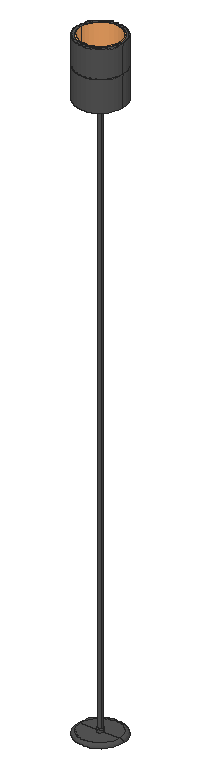
Revit family "MELO CYLINDER PENDANT LIGHT", category Lighting Fixtures, host Face, Revit 2020 (continued)
Types (16): name | Wattage_Input | Wattage Comments | Wattage | Voltage_Input | Size 08 | Size 06 | Size 04 | Selectable Wattage | Photometric Web File | Pendent Rod Length_1 | Pendent | Order number | built-in parameter 1150142 | Model | built-in parameter 1150105 | Lumens | built-in parameter 1150106 | Fixture Diameter | Canopy for Surface Mount J-box | Canopy for Recessed J-Box | Canopy Height | C2 H | C1 H | BEAMING ANGLE
  MELO06R-SP30801-10D-60-GD-BK | 40 W | "40W/30W/20W" | 28.2748 W | 0 V | no | yes | no | 40 W | "MELO06R_SP30801_10D_60.IES" | 4' - 0" | yes | "17297" | "IESNA:LM-63-2002\r\n[TEST] \r\n[TESTLAB] EVERFINE\r\n[TESTDATE] 2023-03-15\r\n[ISSUEDATE] 2023-03-17 16:57:18\r\n[NEARFIELD] \r\n[LAMPPOSITION] 0,0\r\n[OTHER] EVERFINE GO-2000B_V1 SYSTEM\r\n[MANUFAC] Aboveall lighting\r\n[LUMINAIRE]  \r\n[LAMP] MELO06R-SP30801-10D-60\r\n[OTHER] \r\n[OTHER] Gamma(deg)    Fz(lm)      Ft(lm)     %Lum    %Lamp\r\n[OTHER]   0- 10       526.25      526.25    10.43    10.43\r\n[OTHER]  10- 20      1490.62     2016.88    39.97    39.97\r\n[OTHER]  20- 30      1763.25     3780.13    74.91    74.91\r\n[OTHER]  30- 40       934.27     4714.40    93.42    93.42\r\n[OTHER]  40- 50       148.31     4862.71    96.36    96.36\r\n[OTHER]  50- 60        73.12     4935.83    97.81    97.81\r\n[OTHER]  60- 70        56.78     4992.61    98.93    98.93\r\n[OTHER]  70- 80        32.07     5024.68    99.57    99.57\r\n[OTHER]  80- 90         8.12     5032.80    99.73    99.73\r\n[OTHER]  90-100         0.17     5032.97    99.73    99.73\r\n[OTHER] 100-110         0.22     5033.20    99.74    99.74\r\n[OTHER] 110-120         0.30     5033.49    99.74    99.74\r\n[OTHER] 120-130         0.55     5034.05    99.76    99.76\r\n[OTHER] 130-140         1.55     5035.59    99.79    99.79\r\n[OTHER] 140-150         2.97     5038.56    99.84    99.84\r\n[OTHER] 150-160         3.62     5042.18    99.92    99.92\r\n[OTHER] 160-170         3.02     5045.20    99.98    99.98\r\n[OTHER] 170-180         1.20     5046.40   100.00   100.00\r\n[OTHER] \r\nTILT=NONE\r\n1 -1 1 181 25 1 2 -0.150 -0.150 0.000\r\n1.000 1 45.4\r\n0.0    1.0    2.0    3.0    4.0    5.0    6.0    7.0    8.0    9.0    \r\n 10.0   11.0   12.0   13.0   14.0   15.0   16.0   17.0   18.0   19.0   \r\n 20.0   21.0   22.0   23.0   24.0   25.0   26.0   27.0   28.0   29.0   \r\n 30.0   31.0   32.0   33.0   34.0   35.0   36.0   37.0   38.0   39.0   \r\n 40.0   41.0   42.0   43.0   44.0   45.0   46.0   47.0   48.0   49.0   \r\n 50.0   51.0   52.0   53.0   54.0   55.0   56.0   57.0   58.0   59.0   \r\n 60.0   61.0   62.0   63.0   64.0   65.0   66.0   67.0   68.0   69.0   \r\n 70.0   71.0   72.0   73.0   74.0   75.0   76.0   77.0   78.0   79.0   \r\n 80.0   81.0   82.0   83.0   84.0   85.0   86.0   87.0   88.0   89.0   \r\n 90.0   91.0   92.0   93.0   94.0   95.0   96.0   97.0   98.0   99.0   \r\n 100.0  101.0  102.0  103.0  104.0  105.0  106.0  107.0  108.0  109.0  \r\n 110.0  111.0  112.0  113.0  114.0  115.0  116.0  117.0  118.0  119.0  \r\n 120.0  121.0  122.0  123.0  124.0  125.0  126.0  127.0  128.0  129.0  \r\n 130.0  131.0  132.0  133.0  134.0  135.0  136.0  137.0  138.0  139.0  \r\n 140.0  141.0  142.0  143.0  144.0  145.0  146.0  147.0  148.0  149.0  \r\n 150.0  151.0  152.0  153.0  154.0  155.0  156.0  157.0  158.0  159.0  \r\n 160.0  161.0  162.0  163.0  164.0  165.0  166.0  167.0  168.0  169.0  \r\n 170.0  171.0  172.0  173.0  174.0  175.0  176.0  177.0  178.0  179.0  \r\n 180.0  \r\n0.0    15.0   30.0   45.0   60.0   75.0   90.0   105.0  120.0  135.0  \r\n 150.0  165.0  180.0  195.0  210.0  225.0  240.0  255.0  270.0  285.0  \r\n 300.0  315.0  330.0  345.0  360.0  \r\n5505.34  5507.71  5512.42  5515.76  5514.38  5510.62  5508.70  5508.21  5505.40  5497.87  \r\n 5485.59  5471.39  5451.07  5426.00  5398.99  5359.77  5307.89  5236.55  5150.44  5047.76  \r\n 4922.86  4776.14  4614.64  4439.37  4245.20  4041.44  3816.93  3576.43  3327.16  3076.38  \r\n 2803.10  2529.07  2256.45  2013.37  1791.25  1577.81  1374.93  1172.17  919.63   696.04   \r\n 508.02   364.86   273.19   221.78   190.55   169.32   152.59   137.81   126.94   116.05   \r\n 102.44   92.40    87.71    84.07    82.06    80.13    78.13    76.29    74.46    72.72    \r\n 70.84    68.43    65.86    63.28    60.66    57.97    55.26    52.50    49.71    46.93    \r\n 44.15    41.33    38.56    35.80    33.09    30.45    27.85    25.28    22.77    20.33    \r\n 17.92    15.57    13.31    11.07    8.92     6.79     4.72     2.70     0.86     0.18     \r\n 0.15     0.15     0.15     0.15     0.15     0.15     0.15     0.15     0.15     0.15     \r\n 0.15     0.15     0.15     0.17     0.17     0.20     0.21     0.21     0.21     0.21     \r\n 0.21     0.23     0.24     0.25     0.27     0.28     0.28     0.29     0.30     0.34     \r\n 0.38     0.38     0.39     0.43     0.49     0.53     0.60     0.69     0.77     0.88     \r\n 0.99     1.13     1.28     1.47     1.63     1.83     2.02     2.27     2.51     2.76     \r\n 3.03     3.32     3.59     3.90     4.20     4.52     4.85     5.14     5.47     5.78     \r\n 6.09     6.40     6.68     7.01     7.32     7.65     7.97     8.29     8.61     8.91     \r\n 9.24     9.54     9.85     10.15    10.43    10.69    10.96    11.21    11.47    11.69    \r\n 11.91    12.09    12.28    12.46    12.62    12.76    12.90    12.99    13.07    13.14    \r\n 13.15    \r\n5494.95  5496.86  5500.19  5504.88  5504.39  5502.04  5501.11  5503.02  5505.33  5500.54  \r\n 5490.10  5478.69  5462.53  5442.10  5415.95  5381.68  5332.69  5266.60  5181.58  5080.24  \r\n 4958.24  4815.45  4661.24  4491.85  4306.38  4110.39  3892.56  3651.66  3404.06  3144.10  \r\n 2884.01  2606.24  2332.14  2083.87  1857.36  1643.45  1438.37  1233.24  983.71   745.19   \r\n 548.51   394.89   312.25   229.97   195.63   172.65   154.88   140.68   128.81   118.15   \r\n 104.58   92.92    87.92    84.20    82.10    80.14    78.22    76.31    74.44    72.72    \r\n 70.84    68.61    66.03    63.50    60.84    58.19    55.43    52.65    49.85    47.08    \r\n 44.28    41.53    38.79    36.01    33.40    30.68    28.10    25.58    23.04    20.64    \r\n 18.22    15.88    13.60    11.37    9.20     7.08     5.05     3.01     1.18     0.15     \r\n 0.14     0.14     0.14     0.14     0.15     0.16     0.16     0.17     0.17     0.18     \r\n 0.18     0.19     0.20     0.20     0.21     0.21     0.22     0.23     0.24     0.25     \r\n 0.26     0.26     0.28     0.29     0.30     0.31     0.32     0.33     0.34     0.36     \r\n 0.37     0.40     0.42     0.46     0.50     0.56     0.62     0.70     0.78     0.89     \r\n 1.00     1.13     1.27     1.43     1.60     1.79     2.00     2.22     2.46     2.71     \r\n 2.98     3.26     3.55     3.84     4.14     4.45     4.76     5.08     5.40     5.71     \r\n 6.02     6.32     6.63     6.94     7.24     7.55     7.87     8.19     8.50     8.82     \r\n 9.13     9.46     9.76     10.05    10.33    10.62    10.90    11.15    11.39    11.62    \r\n 11.86    12.06    12.28    12.47    12.64    12.79    12.90    13.02    13.10    13.16    \r\n 13.15    \r\n5484.53  5485.91  5488.74  5491.12  5493.02  5493.51  5493.51  5499.60  5504.36  5501.60  \r\n 5488.92  5476.59  5461.45  5442.05  5417.92  5384.36  5333.47  5264.01  5178.87  5078.54  \r\n 4952.73  4808.81  4656.72  4489.53  4307.17  4113.38  3898.36  3658.89  3413.38  3156.56  \r\n 2892.57  2615.38  2337.09  2089.26  1863.34  1647.98  1441.65  1212.41  982.92   750.07   \r\n 551.66   396.11   292.43   233.15   198.52   175.52   157.80   144.03   130.31   119.19   \r\n 105.20   93.47    88.25    84.32    82.14    80.11    78.16    76.22    74.36    72.59    \r\n 70.69    68.39    65.78    63.17    60.51    57.78    55.03    52.26    49.48    46.71    \r\n 43.93    41.14    38.39    35.71    33.04    30.43    27.85    25.31    22.84    20.45    \r\n 18.07    15.75    13.52    11.31    9.19     7.09     5.06     3.07     1.21     0.18     \r\n 0.16     0.15     0.15     0.15     0.15     0.15     0.15     0.15     0.15     0.15     \r\n 0.15     0.15     0.15     0.16     0.17     0.19     0.20     0.21     0.21     0.22     \r\n 0.22     0.23     0.24     0.26     0.28     0.29     0.29     0.29     0.30     0.32     \r\n 0.35     0.37     0.38     0.45     0.46     0.51     0.58     0.65     0.73     0.83     \r\n 0.95     1.08     1.22     1.38     1.56     1.73     1.94     2.16     2.40     2.65     \r\n 2.91     3.20     3.49     3.78     4.07     4.38     4.68     4.99     5.30     5.60     \r\n 5.90     6.21     6.49     6.80     7.12     7.43     7.76     8.08     8.40     8.72     \r\n 9.05     9.35     9.66     9.99     10.25    10.52    10.80    11.05    11.29    11.52    \r\n 11.75    11.96    12.16    12.32    12.49    12.70    12.79    12.92    13.01    13.08    \r\n 13.15    \r\n5477.39  5476.00  5478.84  5481.68  5483.11  5485.48  5487.90  5495.47  5501.55  5498.16  \r\n 5485.81  5471.12  5456.87  5439.26  5414.01  5375.49  5323.63  5252.87  5169.26  5068.82  \r\n 4939.74  4795.56  4644.66  4477.18  4295.03  4100.97  3889.73  3649.81  3407.40  3150.68  \r\n 2893.81  2617.59  2347.26  2096.53  1869.64  1651.99  1446.06  1237.76  986.55   749.09   \r\n 551.76   399.46   315.00   230.93   196.61   173.80   156.92   143.05   131.41   120.19   \r\n 105.45   93.40    88.04    84.16    81.93    79.82    77.90    76.05    74.29    72.47    \r\n 70.56    68.30    65.62    63.06    60.39    57.74    54.97    52.24    49.52    46.77    \r\n 44.05    41.34    38.62    35.90    33.33    30.66    28.11    25.63    23.13    20.77    \r\n 18.39    16.08    13.84    11.67    9.54     7.45     5.43     3.47     1.63     0.28     \r\n 0.14     0.14     0.15     0.15     0.15     0.16     0.16     0.17     0.17     0.18     \r\n 0.18     0.19     0.19     0.20     0.21     0.22     0.22     0.22     0.24     0.25     \r\n 0.26     0.26     0.28     0.28     0.29     0.30     0.32     0.33     0.34     0.35     \r\n 0.36     0.38     0.42     0.44     0.49     0.54     0.61     0.68     0.76     0.86     \r\n 0.98     1.11     1.25     1.40     1.58     1.75     1.95     2.18     2.41     2.66     \r\n 2.92     3.20     3.47     3.76     4.06     4.37     4.67     4.97     5.28     5.59     \r\n 5.89     6.18     6.49     6.78     7.10     7.43     7.74     8.06     8.39     8.70     \r\n 9.02     9.34     9.65     9.94     10.23    10.51    10.79    11.05    11.28    11.53    \r\n 11.77    11.98    12.19    12.38    12.57    12.73    12.87    12.98    13.08    13.14    \r\n 13.15    \r\n5468.43  5466.05  5468.84  5470.74  5470.29  5471.22  5477.32  5484.42  5489.19  5486.90  \r\n 5474.22  5461.42  5448.62  5430.19  5401.85  5359.33  5298.52  5222.85  5133.42  5020.86  \r\n 4882.73  4736.32  4576.70  4400.05  4210.55  4012.46  3786.14  3549.37  3305.29  3052.70  \r\n 2782.68  2521.81  2261.05  2023.26  1805.89  1589.69  1404.46  1165.95  916.39   689.39   \r\n 502.60   361.39   269.99   219.41   188.90   168.44   152.88   138.91   128.27   115.98   \r\n 101.22   91.98    87.15    83.61    81.50    79.53    77.51    75.66    73.84    71.99    \r\n 69.96    67.42    64.82    62.23    59.56    56.87    54.17    51.45    48.73    46.00    \r\n 43.33    40.61    37.95    35.34    32.73    30.18    27.68    25.19    22.76    20.41    \r\n 18.09    15.82    13.64    11.46    9.40     7.35     5.35     3.42     1.58     0.37     \r\n 0.17     0.16     0.16     0.16     0.16     0.16     0.16     0.16     0.16     0.16     \r\n 0.16     0.16     0.16     0.19     0.20     0.21     0.22     0.22     0.22     0.22     \r\n 0.22     0.23     0.24     0.26     0.28     0.29     0.29     0.31     0.32     0.33     \r\n 0.37     0.37     0.39     0.44     0.49     0.53     0.59     0.68     0.76     0.87     \r\n 0.98     1.11     1.25     1.42     1.59     1.78     1.99     2.21     2.45     2.70     \r\n 2.97     3.25     3.53     3.83     4.11     4.43     4.73     5.03     5.35     5.64     \r\n 5.95     6.25     6.54     6.85     7.16     7.50     7.81     8.13     8.45     8.79     \r\n 9.09     9.40     9.70     10.00    10.28    10.56    10.81    11.07    11.31    11.56    \r\n 11.79    12.00    12.20    12.40    12.57    12.71    12.83    12.94    13.01    13.06    \r\n 13.15    \r\n5461.25  5457.02  5457.50  5458.42  5456.55  5458.00  5461.82  5468.91  5473.15  5474.96  \r\n 5466.88  5455.03  5444.05  5423.59  5395.01  5351.25  5291.79  5211.53  5116.96  4999.57  \r\n 4864.32  4712.02  4545.98  4367.15  4177.41  3975.72  3751.38  3517.57  3275.68  3023.04  \r\n 2770.37  2512.35  2256.03  2019.93  1801.08  1580.90  1382.95  1135.81  891.17   662.45   \r\n 477.07   342.55   276.95   211.65   183.41   164.07   149.10   137.37   126.65   113.79   \r\n 99.05    91.42    87.06    83.87    81.79    79.69    77.69    75.72    73.85    71.93    \r\n 69.83    67.27    64.65    62.04    59.32    56.67    53.95    51.23    48.56    45.84    \r\n 43.16    40.53    37.90    35.25    32.75    30.17    27.71    25.29    22.86    20.53    \r\n 18.21    15.96    13.79    11.67    9.60     7.60     5.65     3.74     1.94     0.52     \r\n 0.14     0.14     0.14     0.15     0.15     0.15     0.16     0.16     0.17     0.18     \r\n 0.18     0.19     0.19     0.20     0.21     0.21     0.22     0.22     0.24     0.24     \r\n 0.26     0.26     0.27     0.28     0.29     0.30     0.31     0.32     0.34     0.35     \r\n 0.37     0.40     0.43     0.46     0.50     0.57     0.63     0.71     0.79     0.90     \r\n 1.01     1.15     1.29     1.45     1.63     1.80     2.02     2.24     2.49     2.73     \r\n 3.00     3.27     3.55     3.84     4.14     4.45     4.75     5.06     5.37     5.67     \r\n 5.97     6.27     6.56     6.87     7.19     7.50     7.81     8.14     8.45     8.76     \r\n 9.07     9.38     9.68     9.99     10.28    10.57    10.84    11.11    11.35    11.60    \r\n 11.85    12.06    12.24    12.41    12.57    12.70    12.82    12.90    12.98    13.03    \r\n 13.15    \r\n5574.52  5570.28  5568.41  5569.31  5565.54  5564.19  5568.92  5572.72  5576.96  5579.74  \r\n 5576.37  5568.27  5556.31  5534.41  5504.37  5459.62  5399.67  5322.16  5226.06  5103.42  \r\n 4962.93  4807.22  4632.61  4444.75  4246.92  4037.17  3810.91  3574.71  3330.40  3074.39  \r\n 2818.30  2553.19  2295.74  2059.06  1829.60  1607.31  1402.02  1143.71  883.61   656.64   \r\n 472.17   342.12   277.56   213.39   185.82   166.44   151.75   139.38   128.45   115.07   \r\n 99.85    92.91    88.65    85.74    83.69    81.57    79.34    77.38    75.50    73.43    \r\n 71.23    68.47    65.84    63.13    60.37    57.57    54.79    52.04    49.26    46.51    \r\n 43.76    41.06    38.37    35.72    33.13    30.55    28.09    25.59    23.19    20.84    \r\n 18.56    16.31    14.16    12.02    9.98     7.97     6.02     4.12     2.26     0.57     \r\n 0.14     0.14     0.14     0.14     0.15     0.16     0.16     0.16     0.16     0.17     \r\n 0.17     0.19     0.19     0.20     0.21     0.21     0.22     0.23     0.24     0.25     \r\n 0.26     0.27     0.28     0.28     0.29     0.29     0.31     0.32     0.33     0.35     \r\n 0.37     0.40     0.43     0.46     0.51     0.57     0.65     0.73     0.84     0.95     \r\n 1.08     1.23     1.39     1.58     1.77     1.99     2.22     2.47     2.73     3.02     \r\n 3.32     3.62     3.93     4.24     4.56     4.90     5.23     5.56     5.89     6.23     \r\n 6.53     6.85     7.17     7.49     7.80     8.11     8.42     8.73     9.03     9.32     \r\n 9.60     9.90     10.17    10.44    10.71    10.96    11.21    11.45    11.69    11.91    \r\n 12.11    12.30    12.49    12.65    12.80    12.95    13.08    13.18    13.25    13.31    \r\n 13.15    \r\n5560.85  5555.18  5552.78  5550.41  5548.04  5546.61  5550.35  5553.68  5558.41  5563.15  \r\n 5561.31  5554.24  5543.37  5520.71  5489.95  5444.08  5384.14  5307.50  5206.75  5078.99  \r\n 4927.96  4764.51  4581.20  4385.03  4183.58  3972.68  3740.53  3502.28  3258.64  3001.81  \r\n 2747.66  2487.43  2236.55  2001.26  1775.04  1553.12  1317.80  1082.37  826.64   613.15   \r\n 441.45   320.55   249.59   209.50   183.62   164.87   150.73   136.63   125.95   112.06   \r\n 98.11    92.18    88.08    85.53    83.36    81.19    79.03    76.98    75.08    73.16    \r\n 70.65    67.88    65.24    62.54    59.77    57.02    54.19    51.45    48.67    45.93    \r\n 43.14    40.49    37.78    35.21    32.53    30.04    27.52    25.11    22.72    20.38    \r\n 18.13    15.91    13.77    11.59    9.58     7.55     5.60     3.70     1.79     0.39     \r\n 0.18     0.16     0.16     0.16     0.16     0.16     0.16     0.16     0.16   
